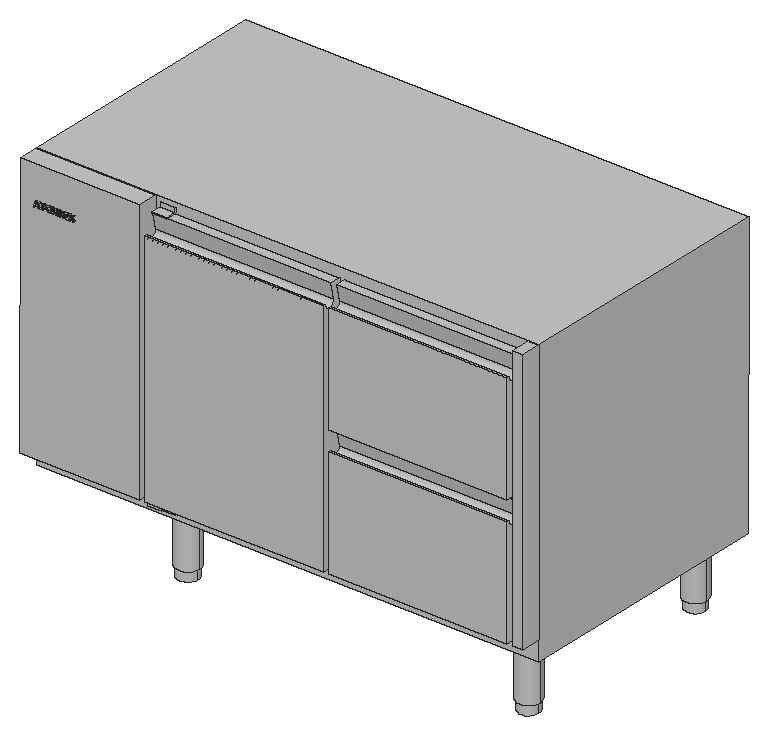
Revit family "QF_ALPENINOX_721019_AK2R7AB", category Attrezzature speciali, Revit 2018 (continued)
Definition of nested family "HPC_APX_BI_TN_L"
  Lines and regions (mm)
    Split face 120
      outline origin (110, -951.3, 50) x (1, 0, 0) y (0, 1, 0)
        loop
          arc (-176.464, 599.474) -> (-172.464, 603.474) -> (-176.464, 607.474) r 4
          line (-176.464, 607.474) -> (-218.464, 607.474)
    Split face 121
      outline origin (220, -951.3, 50) x (1, 0, 0) y (0, 1, 0)
        loop
          arc (-273.464, 607.474) -> (-277.464, 603.474) -> (-273.464, 599.474) r 4
          line (-273.464, 599.474) -> (-231.464, 599.474)
          arc (-231.464, 599.474) -> (-227.464, 603.474) -> (-231.464, 607.474) r 4
          line (-231.464, 607.474) -> (-273.464, 607.474)
    Split face 122
      outline origin (0, -975.3, 50) x (1, 0, 0) y (0, 1, 0)
        loop
          arc (-163.464, 619.474) -> (-167.464, 615.474) -> (-163.464, 611.474) r 4
          line (-163.464, 611.474) -> (-121.464, 611.474)
          arc (-121.464, 611.474) -> (-117.464, 615.474) -> (-121.464, 619.474) r 4
          line (-121.464, 619.474) -> (-163.464, 619.474)
    Split face 123
      outline origin (330, -975.3, 50) x (1, 0, 0) y (0, 1, 0)
        loop
          arc (-328.464, 619.474) -> (-332.464, 615.474) -> (-328.464, 611.474) r 4
          line (-328.464, 611.474) -> (-286.464, 611.474)
          arc (-286.464, 611.474) -> (-282.464, 615.474) -> (-286.464, 619.474) r 4
          line (-286.464, 619.474) -> (-328.464, 619.474)
    Split face 124
      outline origin (110, -975.3, 50) x (1, 0, 0) y (0, 1, 0)
        loop
          arc (-218.464, 619.474) -> (-222.464, 615.474) -> (-218.464, 611.474) r 4
          line (-218.464, 611.474) -> (-176.464, 611.474)
          arc (-176.464, 611.474) -> (-172.464, 615.474) -> (-176.464, 619.474) r 4
          line (-176.464, 619.474) -> (-218.464, 619.474)
    Split face 125
      outline origin (220, -975.3, 50) x (1, 0, 0) y (0, 1, 0)
        loop
          arc (-273.464, 619.474) -> (-277.464, 615.474) -> (-273.464, 611.474) r 4
          line (-273.464, 611.474) -> (-231.464, 611.474)
          arc (-231.464, 611.474) -> (-227.464, 615.474) -> (-231.464, 619.474) r 4
          line (-231.464, 619.474) -> (-273.464, 619.474)
    Split face 126
      outline origin (0, -999.3, 50) x (1, 0, 0) y (0, 1, 0)
        loop
          arc (-163.464, 631.474) -> (-167.464, 627.474) -> (-163.464, 623.474) r 4
          line (-163.464, 623.474) -> (-121.464, 623.474)
          arc (-121.464, 623.474) -> (-117.464, 627.474) -> (-121.464, 631.474) r 4
          line (-121.464, 631.474) -> (-163.464, 631.474)
    Split face 127
      outline origin (330, -999.3, 50) x (1, 0, 0) y (0, 1, 0)
        loop
          arc (-328.464, 631.474) -> (-332.464, 627.474) -> (-328.464, 623.474) r 4
          line (-328.464, 623.474) -> (-286.464, 623.474)
          arc (-286.464, 623.474) -> (-282.464, 627.474) -> (-286.464, 631.474) r 4
          line (-286.464, 631.474) -> (-328.464, 631.474)
    Split face 128
      outline origin (110, -999.3, 50) x (1, 0, 0) y (0, 1, 0)
        loop
          arc (-218.464, 631.474) -> (-222.464, 627.474) -> (-218.464, 623.474) r 4
          line (-218.464, 623.474) -> (-176.464, 623.474)
          arc (-176.464, 623.474) -> (-172.464, 627.474) -> (-176.464, 631.474) r 4
          line (-176.464, 631.474) -> (-218.464, 631.474)
    Split face 129
      outline origin (220, -999.3, 50) x (1, 0, 0) y (0, 1, 0)
        loop
          arc (-273.464, 631.474) -> (-277.464, 627.474) -> (-273.464, 623.474) r 4
          line (-273.464, 623.474) -> (-231.464, 623.474)
          arc (-231.464, 623.474) -> (-227.464, 627.474) -> (-231.464, 631.474) r 4
          line (-231.464, 631.474) -> (-273.464, 631.474)
    Split face 130
      outline origin (0, -1023.3, 50) x (1, 0, 0) y (0, 1, 0)
        loop
          arc (-163.464, 643.474) -> (-167.464, 639.474) -> (-163.464, 635.474) r 4
          line (-163.464, 635.474) -> (-121.464, 635.474)
          arc (-121.464, 635.474) -> (-117.464, 639.474) -> (-121.464, 643.474) r 4
          line (-121.464, 643.474) -> (-163.464, 643.474)
    Split face 131
      outline origin (330, -1023.3, 50) x (1, 0, 0) y (0, 1, 0)
        loop
          arc (-328.464, 643.474) -> (-332.464, 639.474) -> (-328.464, 635.474) r 4
          line (-328.464, 635.474) -> (-286.464, 635.474)
          arc (-286.464, 635.474) -> (-282.464, 639.474) -> (-286.464, 643.474) r 4
          line (-286.464, 643.474) -> (-328.464, 643.474)
    Split face 132
      outline origin (110, -1023.3, 50) x (1, 0, 0) y (0, 1, 0)
        loop
          arc (-218.464, 643.474) -> (-222.464, 639.474) -> (-218.464, 635.474) r 4
          line (-218.464, 635.474) -> (-176.464, 635.474)
          arc (-176.464, 635.474) -> (-172.464, 639.474) -> (-176.464, 643.474) r 4
          line (-176.464, 643.474) -> (-218.464, 643.474)
    Split face 133
      outline origin (220, -1023.3, 50) x (1, 0, 0) y (0, 1, 0)
        loop
          arc (-273.464, 643.474) -> (-277.464, 639.474) -> (-273.464, 635.474) r 4
          line (-273.464, 635.474) -> (-231.464, 635.474)
          arc (-231.464, 635.474) -> (-227.464, 639.474) -> (-231.464, 643.474) r 4
          line (-231.464, 643.474) -> (-273.464, 643.474)
    symbolic lines
      curve 1: line (87.08, -74, 50) -> (87.08, -74, 0)
  Dimensions and locks
    equal spacing: plane 6, plane 1 "Center (Front/Back)", plane 7
    equal spacing: plane 4, plane 3 "Center (Left/Right)", plane 5
    aligned and locked: plane 2 to Extrusion 1
    aligned and locked: level to Extrusion 1
  Automatic sketch dimensions
    Split face 5 sketch curve to Split face 5 sketch curve = 42 mm
    Split face 5 sketch curve to Split face 5 sketch curve = 4 mm
    Split face 6 sketch curve to Split face 6 sketch curve = 42 mm
    Split face 6 sketch curve to Split face 6 sketch curve = 4 mm
    Split face 7 sketch curve to Split face 7 sketch curve = 42 mm
    Split face 7 sketch curve to Split face 7 sketch curve = 4 mm
    Split face 8 sketch curve to Split face 8 sketch curve = 42 mm
    Split face 8 sketch curve to Split face 8 sketch curve = 4 mm
    Split face 9 sketch curve to Split face 9 sketch curve = 42 mm
    Split face 9 sketch curve to Split face 9 sketch curve = 4 mm
    Split face 10 sketch curve to Split face 10 sketch curve = 42 mm
    Split face 10 sketch curve to Split face 10 sketch curve = 4 mm
    Split face 11 sketch curve to Split face 11 sketch curve = 42 mm
    Split face 11 sketch curve to Split face 11 sketch curve = 4 mm
    Split face 12 sketch curve to Split face 12 sketch curve = 42 mm
    Split face 12 sketch curve to Split face 12 sketch curve = 4 mm
    Split face 13 sketch curve to Split face 13 sketch curve = 42 mm
    Split face 13 sketch curve to Split face 13 sketch curve = 4 mm
    Split face 14 sketch curve to Split face 14 sketch curve = 42 mm
    Split face 14 sketch curve to Split face 14 sketch curve = 4 mm
    Split face 15 sketch curve to Split face 15 sketch curve = 42 mm
    Split face 15 sketch curve to Split face 15 sketch curve = 4 mm
    Split face 16 sketch curve to Split face 16 sketch curve = 42 mm
    Split face 16 sketch curve to Split face 16 sketch curve = 4 mm
    Split face 17 sketch curve to Split face 17 sketch curve = 42 mm
    Split face 17 sketch curve to Split face 17 sketch curve = 4 mm
    Split face 18 sketch curve to Split face 18 sketch curve = 42 mm
    Split face 18 sketch curve to Split face 18 sketch curve = 4 mm
    Split face 19 sketch curve to Split face 19 sketch curve = 42 mm
    Split face 19 sketch curve to Split face 19 sketch curve = 4 mm
    Split face 20 sketch curve to Split face 20 sketch curve = 42 mm
    Split face 20 sketch curve to Split face 20 sketch curve = 4 mm
    Split face 21 sketch curve to Split face 21 sketch curve = 42 mm
    Split face 21 sketch curve to Split face 21 sketch curve = 4 mm
    Split face 22 sketch curve to Split face 22 sketch curve = 42 mm
    Split face 22 sketch curve to Split face 22 sketch curve = 4 mm
    Split face 23 sketch curve to Split face 23 sketch curve = 42 mm
    Split face 23 sketch curve to Split face 23 sketch curve = 4 mm
    Split face 24 sketch curve to Split face 24 sketch curve = 42 mm
    Split face 24 sketch curve to Split face 24 sketch curve = 4 mm
    Split face 25 sketch curve to Split face 25 sketch curve = 42 mm
    Split face 25 sketch curve to Split face 25 sketch curve = 4 mm
    Split face 26 sketch curve to Split face 26 sketch curve = 42 mm
    Split face 26 sketch curve to Split face 26 sketch curve = 4 mm
    Split face 27 sketch curve to Split face 27 sketch curve = 42 mm
    Split face 27 sketch curve to Split face 27 sketch curve = 4 mm
    Split face 28 sketch curve to Split face 28 sketch curve = 42 mm
    Split face 28 sketch curve to Split face 28 sketch curve = 4 mm
    Split face 29 sketch curve to Split face 29 sketch curve = 42 mm
    Split face 29 sketch curve to Split face 29 sketch curve = 4 mm
    Split face 30 sketch curve to Split face 30 sketch curve = 42 mm
    Split face 30 sketch curve to Split face 30 sketch curve = 4 mm
    Split face 31 sketch curve to Split face 31 sketch curve = 42 mm
    Split face 31 sketch curve to Split face 31 sketch curve = 4 mm
    Split face 32 sketch curve to Split face 32 sketch curve = 42 mm
    Split face 32 sketch curve to Split face 32 sketch curve = 4 mm
    Split face 33 sketch curve to Split face 33 sketch curve = 42 mm
    Split face 33 sketch curve to Split face 33 sketch curve = 4 mm
    Split face 34 sketch curve to Split face 34 sketch curve = 42 mm
    Split face 34 sketch curve to Split face 34 sketch curve = 4 mm
    Split face 35 sketch curve to Split face 35 sketch curve = 42 mm
    Split face 35 sketch curve to Split face 35 sketch curve = 4 mm
    Split face 36 sketch curve to Split face 36 sketch curve = 42 mm
    Split face 36 sketch curve to Split face 36 sketch curve = 4 mm
    Split face 37 sketch curve to Split face 37 sketch curve = 42 mm
    Split face 37 sketch curve to Split face 37 sketch curve = 4 mm
    Split face 38 sketch curve to Split face 38 sketch curve = 42 mm
    Split face 38 sketch curve to Split face 38 sketch curve = 4 mm
    Split face 39 sketch curve to Split face 39 sketch curve = 42 mm
    Split face 39 sketch curve to Split face 39 sketch curve = 4 mm
    Split face 40 sketch curve to Split face 40 sketch curve = 42 mm
    Split face 40 sketch curve to Split face 40 sketch curve = 4 mm
    Split face 41 sketch curve to Split face 41 sketch curve = 42 mm
    Split face 41 sketch curve to Split face 41 sketch curve = 4 mm
    Split face 42 sketch curve to Split face 42 sketch curve = 42 mm
    Split face 42 sketch curve to Split face 42 sketch curve = 4 mm
    Split face 43 sketch curve to Split face 43 sketch curve = 42 mm
    Split face 43 sketch curve to Split face 43 sketch curve = 4 mm
    Split face 44 sketch curve to Split face 44 sketch curve = 42 mm
    Split face 44 sketch curve to Split face 44 sketch curve = 4 mm
    Split face 45 sketch curve to Split face 45 sketch curve = 42 mm
    Split face 45 sketch curve to Split face 45 sketch curve = 4 mm
    Split face 46 sketch curve to Split face 46 sketch curve = 42 mm
    Split face 46 sketch curve to Split face 46 sketch curve = 4 mm
    Split face 47 sketch curve to Split face 47 sketch curve = 42 mm
    Split face 47 sketch curve to Split face 47 sketch curve = 4 mm
    Split face 48 sketch curve to Split face 48 sketch curve = 42 mm
    Split face 48 sketch curve to Split face 48 sketch curve = 4 mm
    Split face 49 sketch curve to Split face 49 sketch curve = 42 mm
    Split face 49 sketch curve to Split face 49 sketch curve = 4 mm
    Split face 50 sketch curve to Split face 50 sketch curve = 42 mm
    Split face 50 sketch curve to Split face 50 sketch curve = 4 mm
    Split face 51 sketch curve to Split face 51 sketch curve = 42 mm
    Split face 51 sketch curve to Split face 51 sketch curve = 4 mm
    Split face 52 sketch curve to Split face 52 sketch curve = 42 mm
    Split face 52 sketch curve to Split face 52 sketch curve = 4 mm
    Split face 53 sketch curve to Split face 53 sketch curve = 42 mm
    Split face 53 sketch curve to Split face 53 sketch curve = 4 mm
    Split face 54 sketch curve to Split face 54 sketch curve = 42 mm
    Split face 54 sketch curve to Split face 54 sketch curve = 4 mm
    Split face 55 sketch curve to Split face 55 sketch curve = 42 mm
    Split face 55 sketch curve to Split face 55 sketch curve = 4 mm
    Split face 56 sketch curve to Split face 56 sketch curve = 42 mm
    Split face 56 sketch curve to Split face 56 sketch curve = 4 mm
    Split face 57 sketch curve to Split face 57 sketch curve = 42 mm
    Split face 57 sketch curve to Split face 57 sketch curve = 4 mm
    Split face 58 sketch curve to Split face 58 sketch curve = 42 mm
    Split face 58 sketch curve to Split face 58 sketch curve = 4 mm
    Split face 59 sketch curve to Split face 59 sketch curve = 42 mm
    Split face 59 sketch curve to Split face 59 sketch curve = 4 mm
    Split face 60 sketch curve to Split face 60 sketch curve = 42 mm
    Split face 60 sketch curve to Split face 60 sketch curve = 4 mm
    Split face 61 sketch curve to Split face 61 sketch curve = 42 mm
    Split face 61 sketch curve to Split face 61 sketch curve = 4 mm
    Split face 62 sketch curve to Split face 62 sketch curve = 42 mm
    Split face 62 sketch curve to Split face 62 sketch curve = 4 mm
    Split face 63 sketch curve to Split face 63 sketch curve = 42 mm
    Split face 63 sketch curve to Split face 63 sketch curve = 4 mm
    Split face 64 sketch curve to Split face 64 sketch curve = 42 mm
    Split face 64 sketch curve to Split face 64 sketch curve = 4 mm
    Split face 65 sketch curve to Split face 65 sketch curve = 42 mm
    Split face 65 sketch curve to Split face 65 sketch curve = 4 mm
    Split face 66 sketch curve to Split face 66 sketch curve = 42 mm
    Split face 66 sketch curve to Split face 66 sketch curve = 4 mm
    Split face 67 sketch curve to Split face 67 sketch curve = 42 mm
    Split face 67 sketch curve to Split face 67 sketch curve = 4 mm
    Split face 68 sketch curve to Split face 68 sketch curve = 42 mm
    Split face 68 sketch curve to Split face 68 sketch curve = 4 mm
    Split face 70 sketch curve to Split face 70 sketch curve = 42 mm
    Split face 70 sketch curve to Split face 70 sketch curve = 4 mm
    Split face 71 sketch curve to Split face 71 sketch curve = 42 mm
    Split face 71 sketch curve to Split face 71 sketch curve = 4 mm
    Split face 72 sketch curve to Split face 72 sketch curve = 42 mm
    Split face 72 sketch curve to Split face 72 sketch curve = 4 mm
    Split face 73 sketch curve to Split face 73 sketch curve = 42 mm
    Split face 73 sketch curve to Split face 73 sketch curve = 4 mm
    Split face 74 sketch curve to Split face 74 sketch curve = 42 mm
    Split face 74 sketch curve to Split face 74 sketch curve = 4 mm
    Split face 75 sketch curve to Split face 75 sketch curve = 42 mm
    Split face 75 sketch curve to Split face 75 sketch curve = 4 mm
    Split face 76 sketch curve to Split face 76 sketch curve = 42 mm
    Split face 76 sketch curve to Split face 76 sketch curve = 4 mm
    Split face 77 sketch curve to Split face 77 sketch curve = 42 mm
    Split face 77 sketch curve to Split face 77 sketch curve = 4 mm
    Split face 78 sketch curve to Split face 78 sketch curve = 42 mm
    Split face 78 sketch curve to Split face 78 sketch curve = 4 mm
    Split face 79 sketch curve to Split face 79 sketch curve = 42 mm
    Split face 79 sketch curve to Split face 79 sketch curve = 4 mm
    Split face 80 sketch curve to Split face 80 sketch curve = 42 mm
    Split face 80 sketch curve to Split face 80 sketch curve = 4 mm
    Split face 81 sketch curve to Split face 81 sketch curve = 42 mm
    Split face 81 sketch curve to Split face 81 sketch curve = 4 mm
    Split face 82 sketch curve to Split face 82 sketch curve = 42 mm
    Split face 82 sketch curve to Split face 82 sketch curve = 4 mm
    Split face 83 sketch curve to Split face 83 sketch curve = 42 mm
    Split face 83 sketch curve to Split face 83 sketch curve = 4 mm
    Split face 84 sketch curve to Split face 84 sketch curve = 42 mm
    Split face 84 sketch curve to Split face 84 sketch curve = 4 mm
    Split face 85 sketch curve to Split face 85 sketch curve = 42 mm
    Split face 85 sketch curve to Split face 85 sketch curve = 4 mm
    Split face 86 sketch curve to Split face 86 sketch curve = 42 mm
    Split face 86 sketch curve to Split face 86 sketch curve = 4 mm
    Split face 87 sketch curve to Split face 87 sketch curve = 42 mm
    Split face 87 sketch curve to Split face 87 sketch curve = 4 mm
    Split face 88 sketch curve to Split face 88 sketch curve = 42 mm
    Split face 88 sketch curve to Split face 88 sketch curve = 4 mm
    Split face 89 sketch curve to Split face 89 sketch curve = 42 mm
    Split face 89 sketch curve to Split face 89 sketch curve = 4 mm
    Split face 90 sketch curve to Split face 90 sketch curve = 42 mm
    Split face 90 sketch curve to Split face 90 sketch curve = 4 mm
    Split face 91 sketch curve to Split face 91 sketch curve = 42 mm
    Split face 91 sketch curve to Split face 91 sketch curve = 4 mm
    Split face 92 sketch curve to Split face 92 sketch curve = 42 mm
    Split face 92 sketch curve to Split face 92 sketch curve = 4 mm
    Split face 93 sketch curve to Split face 93 sketch curve = 42 mm
    Split face 93 sketch curve to Split face 93 sketch curve = 4 mm
    Split face 94 sketch curve to Split face 94 sketch curve = 42 mm
    Split face 94 sketch curve to Split face 94 sketch curve = 4 mm
    Split face 95 sketch curve to Split face 95 sketch curve = 42 mm
    Split face 95 sketch curve to Split face 95 sketch curve = 4 mm
    Split face 96 sketch curve to Split face 96 sketch curve = 42 mm
    Split face 96 sketch curve to Split face 96 sketch curve = 4 mm
    Split face 97 sketch curve to Split face 97 sketch curve = 42 mm
    Split face 97 sketch curve to Split face 97 sketch curve = 4 mm
    Split face 98 sketch curve to Split face 98 sketch curve = 42 mm
    Split face 98 sketch curve to Split face 98 sketch curve = 4 mm
    Split face 99 sketch curve to Split face 99 sketch curve = 42 mm
    Split face 99 sketch curve to Split face 99 sketch curve = 4 mm
    Split face 100 sketch curve to Split face 100 sketch curve = 42 mm
    Split face 100 sketch curve to Split face 100 sketch curve = 4 mm
    Split face 101 sketch curve to Split face 101 sketch curve = 42 mm
    Split face 101 sketch curve to Split face 101 sketch curve = 4 mm
    Split face 102 sketch curve to Split face 102 sketch curve = 42 mm
    Split face 102 sketch curve to Split face 102 sketch curve = 4 mm
    Split face 103 sketch curve to Split face 103 sketch curve = 42 mm
    Split face 103 sketch curve to Split face 103 sketch curve = 4 mm
    Split face 104 sketch curve to Split face 104 sketch curve = 42 mm
    Split face 104 sketch curve to Split face 104 sketch curve = 4 mm
    Split face 105 sketch curve to Split face 105 sketch curve = 42 mm
    Split face 105 sketch curve to Split face 105 sketch curve = 4 mm
    Split face 106 sketch curve to Split face 106 sketch curve = 42 mm
    Split face 106 sketch curve to Split face 106 sketch curve = 4 mm
    Split face 107 sketch curve to Split face 107 sketch curve = 42 mm
    Split face 107 sketch curve to Split face 107 sketch curve = 4 mm
    Split face 108 sketch curve to Split face 108 sketch curve = 42 mm
    Split face 108 sketch curve to Split face 108 sketch curve = 4 mm
    Split face 109 sketch curve to Split face 109 sketch curve = 42 mm
    Split face 109 sketch curve to Split face 109 sketch curve = 4 mm
    Split face 110 sketch curve to Split face 110 sketch curve = 42 mm
    Split face 110 sketch curve to Split face 110 sketch curve = 4 mm
    Split face 111 sketch curve to Split face 111 sketch curve = 42 mm
    Split face 111 sketch curve to Split face 111 sketch curve = 4 mm
    Split face 112 sketch curve to Split face 112 sketch curve = 42 mm
    Split face 112 sketch curve to Split face 112 sketch curve = 4 mm
    Split face 113 sketch curve to Split face 113 sketch curve = 42 mm
    Split face 113 sketch curve to Split face 113 sketch curve = 4 mm
    Split face 114 sketch curve to Split face 114 sketch curve = 42 mm
    Split face 114 sketch curve to Split face 114 sketch curve = 4 mm
    Split face 115 sketch curve to Split face 115 sketch curve = 42 mm
    Split face 115 sketch curve to Split face 115 sketch curve = 4 mm
    Split face 116 sketch curve to Split face 116 sketch curve = 42 mm
    Split face 116 sketch curve to Split face 116 sketch curve = 4 mm
    Split face 117 sketch curve to Split face 117 sketch curve = 42 mm
    Split face 117 sketch curve to Split face 117 sketch curve = 4 mm
    Split face 118 sketch curve to Split face 118 sketch curve = 42 mm
    Split face 118 sketch curve to Split face 118 sketch curve = 4 mm
    Split face 119 sketch curve to Split face 119 sketch curve = 42 mm
    Split face 119 sketch curve to Split face 119 sketch curve = 4 mm
    Split face 120 sketch curve to Split face 120 sketch curve = 42 mm
    Split face 120 sketch curve to Split face 120 sketch curve = 4 mm
    Split face 121 sketch curve to Split face 121 sketch curve = 42 mm
    Split face 121 sketch curve to Split face 121 sketch curve = 4 mm
    Split face 122 sketch curve to Split face 122 sketch curve = 42 mm
    Split face 122 sketch curve to Split face 122 sketch curve = 4 mm
    Split face 123 sketch curve to Split face 123 sketch curve = 42 mm
    Split face 123 sketch curve to Split face 123 sketch curve = 4 mm
    Split face 124 sketch curve to Split face 124 sketch curve = 42 mm
    Split face 124 sketch curve to Split face 124 sketch curve = 4 mm
    Split face 125 sketch curve to Split face 125 sketch curve = 42 mm
    Split face 125 sketch curve to Split face 125 sketch curve = 4 mm
    Split face 126 sketch curve to Split face 126 sketch curve = 42 mm
    Split face 126 sketch curve to Split face 126 sketch curve = 4 mm
    Split face 127 sketch curve to Split face 127 sketch curve = 42 mm
    Split face 127 sketch curve to Split face 127 sketch curve = 4 mm
    Split face 128 sketch curve to Split face 128 sketch curve = 42 mm
    Split face 128 sketch curve to Split face 128 sketch curve = 4 mm
    Split face 129 sketch curve to Split face 129 sketch curve = 42 mm
    Split face 129 sketch curve to Split face 129 sketch curve = 4 mm
    Split face 130 sketch curve to Split face 130 sketch curve = 42 mm
    Split face 130 sketch curve to Split face 130 sketch curve = 4 mm
    Split face 131 sketch curve to Split face 131 sketch curve = 42 mm
    Split face 131 sketch curve to Split face 131 sketch curve = 4 mm
    Split face 132 sketch curve to Split face 132 sketch curve = 42 mm
    Split face 132 sketch curve to Split face 132 sketch curve = 4 mm
    Split face 133 sketch curve to Split face 133 sketch curve = 42 mm
    Split face 133 sketch curve to Split face 133 sketch curve = 4 mm
    Extrusion 1 sketch curve to Extrusion 1 sketch curve = 2438.4 mm  (x2)
    Extrusion 2 sketch curve to plane 4 = 0 mm
    Extrusion 2 sketch curve to plane 5 = 0 mm
    Extrusion 2 sketch curve to plane 7 = 0 mm
    Extrusion 2 sketch curve to plane 6 = 0 mm
    Split face 1 sketch curve to Extrusion 2 = 0 mm  (x2)
    Split face 1 sketch curve to Extrusion 2 = 34 mm
    Split face 1 sketch curve to Extrusion 2 = 104 mm
    Split face 1 sketch curve to Split face 1 sketch curve = 17.5 mm
    Split face 2 sketch curve to Extrusion 2 = 130.5 mm
    Split face 2 sketch curve to Extrusion 2 = 60.5 mm
    Split face 2 sketch curve to Extrusion 2 = 98 mm
    Split face 2 sketch curve to Split face 2 sketch curve = 23 mm
    Split face 3 sketch curve to Extrusion 2 = 80.5 mm
    Split face 3 sketch curve to Split face 3 sketch curve = 17 mm  (x2)
    Split face 3 sketch curve to Extrusion 2 = 95 mm
    plane 4 to Extrusion 3 sketch curve = 34.51 mm
    Extrusion 3 sketch curve to Extrusion 3 sketch curve = 1.266 mm
    Extrusion 3 sketch curve to Extrusion 3 sketch curve = 1.307 mm
    Extrusion 3 sketch curve to Extrusion 3 sketch curve = 0.57 mm
    Extrusion 3 sketch curve to Extrusion 3 sketch curve = 0.593 mm
    Extrusion 3 sketch curve to Extrusion 3 sketch curve = 0.799 mm
    Extrusion 3 sketch curve to Extrusion 3 sketch curve = 1.99 mm  (x2)
    Extrusion 3 sketch curve to Extrusion 3 sketch curve = 0.003 mm
    Extrusion 3 sketch curve to Extrusion 3 sketch curve = 3.534 mm
    Extrusion 3 sketch curve to Extrusion 3 sketch curve = 0.835 mm
    Extrusion 3 sketch curve to Extrusion 3 sketch curve = 0.56 mm
    Extrusion 3 sketch curve to Extrusion 3 sketch curve = 1.268 mm
    Extrusion 3 sketch curve to Extrusion 3 sketch curve = 1.223 mm
    Extrusion 3 sketch curve to Extrusion 3 sketch curve = 1.344 mm
    Extrusion 3 sketch curve to Extrusion 3 sketch curve = 1.394 mm  (x2)
    Extrusion 3 sketch curve to Extrusion 3 sketch curve = 1.512 mm
    Extrusion 3 sketch curve to Extrusion 3 sketch curve = 3.309 mm
    Extrusion 3 sketch curve to Extrusion 3 sketch curve = 5.841 mm
    Extrusion 3 sketch curve to Extrusion 3 sketch curve = 1.393 mm
    Extrusion 3 sketch curve to Extrusion 3 sketch curve = 1.439 mm
    Extrusion 3 sketch curve to Extrusion 3 sketch curve = 0 mm  (x19)
    Extrusion 3 sketch curve to Extrusion 3 sketch curve = 1.902 mm
    Extrusion 3 sketch curve to Extrusion 3 sketch curve = 0.052 mm
    Extrusion 3 sketch curve to Extrusion 3 sketch curve = 2.065 mm
    Extrusion 3 sketch curve to Extrusion 3 sketch curve = 0.647 mm
    Extrusion 3 sketch curve to Extrusion 3 sketch curve = 8.079 mm
    Extrusion 3 sketch curve to Extrusion 3 sketch curve = 0.073 mm
    Extrusion 3 sketch curve to Extrusion 3 sketch curve = 2.145 mm
    Extrusion 3 sketch curve to Extrusion 3 sketch curve = 2.931 mm
    Extrusion 3 sketch curve to Extrusion 3 sketch curve = 0.213 mm
    Extrusion 3 sketch curve to Extrusion 3 sketch curve = 0.026 mm
    Extrusion 3 sketch curve to Extrusion 3 sketch curve = 0.263 mm
    Extrusion 3 sketch curve to Extrusion 3 sketch curve = 0.516 mm
    Extrusion 3 sketch curve to Extrusion 3 sketch curve = 0.356 mm
    Extrusion 3 sketch curve to Extrusion 3 sketch curve = 0.387 mm
    Extrusion 3 sketch curve to Extrusion 3 sketch curve = 2.378 mm
    Extrusion 3 sketch curve to Extrusion 3 sketch curve = 2.466 mm
    Extrusion 3 sketch curve to Extrusion 3 sketch curve = 0.602 mm
    Extrusion 3 sketch curve to Extrusion 3 sketch curve = 1.02 mm
    Extrusion 3 sketch curve to Extrusion 3 sketch curve = 0.949 mm
    Extrusion 3 sketch curve to Extrusion 3 sketch curve = 1.728 mm
    Extrusion 3 sketch curve to Extrusion 3 sketch curve = 0.157 mm  (x2)
    Extrusion 3 sketch curve to Extrusion 3 sketch curve = 0.292 mm
    Extrusion 3 sketch curve to Extrusion 3 sketch curve = 3.565 mm
    Extrusion 3 sketch curve to Extrusion 3 sketch curve = 1.396 mm  (x2)
    Extrusion 3 sketch curve to Extrusion 3 sketch curve = 1.418 mm  (x2)
    Extrusion 3 sketch curve to Extrusion 3 sketch curve = 1.151 mm  (x2)
    Extrusion 3 sketch curve to Extrusion 3 sketch curve = 5.709 mm  (x2)
    Extrusion 3 sketch curve to Extrusion 3 sketch curve = 0.224 mm  (x2)
    Extrusion 3 sketch curve to Extrusion 3 sketch curve = 1.149 mm  (x2)
    Extrusion 3 sketch curve to Extrusion 3 sketch curve = 1.395 mm  (x2)
    Extrusion 3 sketch curve to Extrusion 3 sketch curve = 1.744 mm
    Extrusion 3 sketch curve to Extrusion 3 sketch curve = 1.745 mm
    Extrusion 3 sketch curve to Extrusion 3 sketch curve = 6.963 mm
    Extrusion 3 sketch curve to Extrusion 3 sketch curve = 0.493 mm  (x3)
    Extrusion 3 sketch curve to Extrusion 3 sketch curve = 0.273 mm  (x2)
    Extrusion 3 sketch curve to Extrusion 3 sketch curve = 0.021 mm  (x2)
    Extrusion 3 sketch curve to Extrusion 3 sketch curve = 0.226 mm  (x2)
    Extrusion 3 sketch curve to Extrusion 3 sketch curve = 0.268 mm  (x2)
    Extrusion 3 sketch curve to Extrusion 3 sketch curve = 0.294 mm
    Extrusion 3 sketch curve to Extrusion 3 sketch curve = 5.238 mm
    Extrusion 3 sketch curve to Extrusion 3 sketch curve = 5.908 mm
    Extrusion 3 sketch curve to Extrusion 3 sketch curve = 1.109 mm  (x2)
    Extrusion 3 sketch curve to Extrusion 3 sketch curve = 1.108 mm  (x2)
    Extrusion 3 sketch curve to Extrusion 3 sketch curve = 1.142 mm  (x2)
    Extrusion 3 sketch curve to Extrusion 3 sketch curve = 1.216 mm  (x2)
    Extrusion 3 sketch curve to Extrusion 3 sketch curve = 3.013 mm
    Extrusion 3 sketch curve to Extrusion 3 sketch curve = 1.616 mm  (x3)
    Extrusion 3 sketch curve to Extrusion 3 sketch curve = 2.305 mm
    Extrusion 3 sketch curve to Extrusion 3 sketch curve = 3.049 mm
    Extrusion 3 sketch curve to plane 6 = 93.469 mm
    Extrusion 3 sketch curve to Extrusion 3 sketch curve = 0.498 mm
    Extrusion 3 sketch curve to Extrusion 3 sketch curve = 0.682 mm
    Extrusion 3 sketch curve to Extrusion 3 sketch curve = 0.664 mm
    Extrusion 3 sketch curve to Extrusion 3 sketch curve = 0.425 mm
    Extrusion 3 sketch curve to Extrusion 3 sketch curve = 0.41 mm
    Extrusion 3 sketch curve to Extrusion 3 sketch curve = 1.272 mm
    Extrusion 3 sketch curve to Extrusion 3 sketch curve = 0.789 mm  (x2)
    Extrusion 3 sketch curve to Extrusion 3 sketch curve = 0.056 mm
    Extrusion 3 sketch curve to Extrusion 3 sketch curve = 0.83 mm
    Extrusion 3 sketch curve to Extrusion 3 sketch curve = 1.238 mm
    Extrusion 3 sketch curve to Extrusion 3 sketch curve = 1.732 mm
    Extrusion 3 sketch curve to Extrusion 3 sketch curve = 0.346 mm
    Extrusion 3 sketch curve to Extrusion 3 sketch curve = 1.123 mm
    Extrusion 3 sketch curve to Extrusion 3 sketch curve = 3.023 mm
    Extrusion 3 sketch curve to Extrusion 3 sketch curve = 4.203 mm
    Extrusion 3 sketch curve to Extrusion 3 sketch curve = 3.452 mm  (x2)
    Extrusion 3 sketch curve to Extrusion 3 sketch curve = 2.544 mm
    Extrusion 3 sketch curve to Extrusion 3 sketch curve = 1.177 mm
    Extrusion 3 sketch curve to Extrusion 3 sketch curve = 3.261 mm
    Extrusion 3 sketch curve to Extrusion 3 sketch curve = 0.352 mm  (x2)
    Extrusion 3 sketch curve to Extrusion 3 sketch curve = 1.987 mm
    Extrusion 3 sketch curve to Extrusion 3 sketch curve = 0.171 mm
    Extrusion 3 sketch curve to Extrusion 3 sketch curve = 0.533 mm  (x3)
    Extrusion 3 sketch curve to Extrusion 3 sketch curve = 0.14 mm  (x4)
    Extrusion 3 sketch curve to Extrusion 3 sketch curve = 0.473 mm
    Extrusion 3 sketch curve to Extrusion 3 sketch curve = 0.31 mm  (x2)
    Extrusion 3 sketch curve to Extrusion 3 sketch curve = 0.075 mm
    Extrusion 3 sketch curve to Extrusion 3 sketch curve = 2.431 mm
    Extrusion 3 sketch curve to Extrusion 3 sketch curve = 2.32 mm  (x2)
    Extrusion 3 sketch curve to Extrusion 3 sketch curve = 1.992 mm
    Extrusion 3 sketch curve to Extrusion 3 sketch curve = 0.674 mm
    Extrusion 3 sketch curve to Extrusion 3 sketch curve = 0.732 mm
    Extrusion 3 sketch curve to Extrusion 3 sketch curve = 0.388 mm
    Extrusion 3 sketch curve to Extrusion 3 sketch curve = 0.121 mm
    Extrusion 3 sketch curve to Extrusion 3 sketch curve = 2.589 mm
    Extrusion 3 sketch curve to Extrusion 3 sketch curve = 0.662 mm
    Extrusion 3 sketch curve to Extrusion 3 sketch curve = 3.473 mm
    Extrusion 3 sketch curve to Extrusion 3 sketch curve = 0.681 mm
    Extrusion 3 sketch curve to Extrusion 3 sketch curve = 1.615 mm
    Extrusion 3 sketch curve to Extrusion 3 sketch curve = 0.34 mm
    Extrusion 3 sketch curve to Extrusion 3 sketch curve = 2.288 mm
    Extrusion 3 sketch curve to Extrusion 3 sketch curve = 0.942 mm
    Extrusion 3 sketch curve to Extrusion 3 sketch curve = 5.4 mm
    Extrusion 3 sketch curve to Extrusion 3 sketch curve = 1.768 mm  (x2)
    Extrusion 3 sketch curve to Extrusion 3 sketch curve = 0.761 mm
    Extrusion 3 sketch curve to Extrusion 3 sketch curve = 0.996 mm
    Extrusion 3 sketch curve to Extrusion 3 sketch curve = 3.543 mm  (x2)
    Extrusion 3 sketch curve to Extrusion 3 sketch curve = 7.017 mm
    Extrusion 3 sketch curve to Extrusion 3 sketch curve = 0.11 mm
    Extrusion 3 sketch curve to Extrusion 3 sketch curve = 0.823 mm  (x2)
    Extrusion 3 sketch curve to Extrusion 3 sketch curve = 0.947 mm
    Extrusion 3 sketch curve to Extrusion 3 sketch curve = 3.837 mm
    Extrusion 3 sketch curve to Extrusion 3 sketch curve = 0.623 mm
    Extrusion 3 sketch curve to Extrusion 3 sketch curve = 1.082 mm
    Extrusion 3 sketch curve to Extrusion 3 sketch curve = 0.801 mm
    Extrusion 3 sketch curve to Extrusion 3 sketch curve = 1 mm
    Extrusion 3 sketch curve to Extrusion 3 sketch curve = 0.089 mm
    Extrusion 3 sketch curve to Extrusion 3 sketch curve = 4.257 mm
    Extrusion 3 sketch curve to Extrusion 3 sketch curve = 4.345 mm  (x2)
    Extrusion 3 sketch curve to Extrusion 3 sketch curve = 2.576 mm
    Extrusion 3 sketch curve to Extrusion 3 sketch curve = 1.385 mm  (x4)
    Extrusion 3 sketch curve to Extrusion 3 sketch curve = 2.133 mm  (x4)
    Extrusion 3 sketch curve to Extrusion 3 sketch curve = 3.518 mm
    Extrusion 3 sketch curve to Extrusion 3 sketch curve = 5.603 mm
    Extrusion 3 sketch curve to Extrusion 3 sketch curve = 2.571 mm
    Split face 4 sketch curve to Extrusion 2 = 0 mm  (x2)
    Split face 4 sketch curve to Extrusion 2 = 64 mm
    Split face 69 sketch curve to Extrusion 2 = 0 mm  (x2)
    Split face 69 sketch curve to Extrusion 2 = 109 mm
    Split face 5 sketch curve to Extrusion 2 = 43.456 mm
    Split face 5 sketch curve to Extrusion 2 = 128.176 mm
    Split face 6 sketch curve to Extrusion 2 = 85.544 mm
    Split face 6 sketch curve to Extrusion 2 = 128.176 mm
    Split face 7 sketch curve to Extrusion 2 = 98.456 mm
    Split face 7 sketch curve to Extrusion 2 = 128.176 mm
    Split face 8 sketch curve to Extrusion 2 = 140.544 mm
    Split face 8 sketch curve to Extrusion 2 = 128.176 mm
    Split face 9 sketch curve to Extrusion 2 = 43.456 mm
    Split face 9 sketch curve to Extrusion 2 = 140.176 mm
    Split face 10 sketch curve to Extrusion 2 = 85.544 mm
    Split face 10 sketch curve to Extrusion 2 = 140.176 mm
    Split face 11 sketch curve to Extrusion 2 = 98.456 mm
    Split face 11 sketch curve to Extrusion 2 = 140.176 mm
    Split face 12 sketch curve to Extrusion 2 = 140.544 mm
    Split face 12 sketch curve to Extrusion 2 = 140.176 mm
    Split face 13 sketch curve to Extrusion 2 = 43.456 mm
    Split face 13 sketch curve to Extrusion 2 = 152.176 mm
    Split face 14 sketch curve to Extrusion 2 = 85.544 mm
    Split face 14 sketch curve to Extrusion 2 = 152.176 mm
    Split face 15 sketch curve to Extrusion 2 = 98.456 mm
    Split face 15 sketch curve to Extrusion 2 = 152.176 mm
    Split face 16 sketch curve to Extrusion 2 = 140.544 mm
    Split face 16 sketch curve to Extrusion 2 = 152.176 mm
    Split face 17 sketch curve to Extrusion 2 = 43.456 mm
    Split face 17 sketch curve to Extrusion 2 = 164.176 mm
    Split face 18 sketch curve to Extrusion 2 = 85.544 mm
    Split face 18 sketch curve to Extrusion 2 = 164.176 mm
    Split face 19 sketch curve to Extrusion 2 = 98.456 mm
    Split face 19 sketch curve to Extrusion 2 = 164.176 mm
    Split face 20 sketch curve to Extrusion 2 = 140.544 mm
    Split face 20 sketch curve to Extrusion 2 = 164.176 mm
    Split face 21 sketch curve to Extrusion 2 = 43.456 mm
    Split face 21 sketch curve to Extrusion 2 = 176.176 mm
    Split face 22 sketch curve to Extrusion 2 = 85.544 mm
    Split face 22 sketch curve to Extrusion 2 = 176.176 mm
    Split face 23 sketch curve to Extrusion 2 = 98.456 mm
    Split face 23 sketch curve to Extrusion 2 = 176.176 mm
    Split face 24 sketch curve to Extrusion 2 = 140.544 mm
    Split face 24 sketch curve to Extrusion 2 = 176.176 mm
    Split face 25 sketch curve to Extrusion 2 = 43.456 mm
    Split face 25 sketch curve to Extrusion 2 = 188.176 mm
    Split face 26 sketch curve to Extrusion 2 = 85.544 mm
    Split face 26 sketch curve to Extrusion 2 = 188.176 mm
    Split face 27 sketch curve to Extrusion 2 = 98.456 mm
    Split face 27 sketch curve to Extrusion 2 = 188.176 mm
    Split face 28 sketch curve to Extrusion 2 = 140.544 mm
    Split face 28 sketch curve to Extrusion 2 = 188.176 mm
    Split face 29 sketch curve to Extrusion 2 = 43.456 mm
    Split face 29 sketch curve to Extrusion 2 = 200.176 mm
    Split face 30 sketch curve to Extrusion 2 = 85.544 mm
    Split face 30 sketch curve to Extrusion 2 = 200.176 mm
    Split face 31 sketch curve to Extrusion 2 = 98.456 mm
    Split face 31 sketch curve to Extrusion 2 = 200.176 mm
    Split face 32 sketch curve to Extrusion 2 = 140.544 mm
    Split face 32 sketch curve to Extrusion 2 = 200.176 mm
    Split face 33 sketch curve to Extrusion 2 = 43.456 mm
    Split face 33 sketch curve to Extrusion 2 = 212.176 mm
    Split face 34 sketch curve to Extrusion 2 = 85.544 mm
    Split face 34 sketch curve to Extrusion 2 = 212.176 mm
    Split face 35 sketch curve to Extrusion 2 = 98.456 mm
    Split face 35 sketch curve to Extrusion 2 = 212.176 mm
    Split face 36 sketch curve to Extrusion 2 = 140.544 mm
    Split face 36 sketch curve to Extrusion 2 = 212.176 mm
    Split face 37 sketch curve to Extrusion 2 = 43.456 mm
    Split face 37 sketch curve to Extrusion 2 = 224.176 mm
    Split face 38 sketch curve to Extrusion 2 = 85.544 mm
    Split face 38 sketch curve to Extrusion 2 = 224.176 mm
    Split face 39 sketch curve to Extrusion 2 = 98.456 mm
    Split face 39 sketch curve to Extrusion 2 = 224.176 mm
    Split face 40 sketch curve to Extrusion 2 = 140.544 mm
    Split face 40 sketch curve to Extrusion 2 = 224.176 mm
    Split face 41 sketch curve to Extrusion 2 = 43.456 mm
    Split face 41 sketch curve to Extrusion 2 = 236.176 mm
    Split face 42 sketch curve to Extrusion 2 = 85.544 mm
    Split face 42 sketch curve to Extrusion 2 = 236.176 mm
    Split face 43 sketch curve to Extrusion 2 = 98.456 mm
    Split face 43 sketch curve to Extrusion 2 = 236.176 mm
    Split face 44 sketch curve to Extrusion 2 = 140.544 mm
    Split face 44 sketch curve to Extrusion 2 = 236.176 mm
    Split face 45 sketch curve to Extrusion 2 = 43.456 mm
    Split face 45 sketch curve to Extrusion 2 = 248.176 mm
    Split face 46 sketch curve to Extrusion 2 = 85.544 mm
    Split face 46 sketch curve to Extrusion 2 = 248.176 mm
    Split face 47 sketch curve to Extrusion 2 = 98.456 mm
    Split face 47 sketch curve to Extrusion 2 = 248.176 mm
    Split face 48 sketch curve to Extrusion 2 = 140.544 mm
    Split face 48 sketch curve to Extrusion 2 = 248.176 mm
    Split face 49 sketch curve to Extrusion 2 = 43.456 mm
    Split face 49 sketch curve to Extrusion 2 = 260.176 mm
    Split face 50 sketch curve to Extrusion 2 = 85.544 mm
    Split face 50 sketch curve to Extrusion 2 = 260.176 mm
    Split face 51 sketch curve to Extrusion 2 = 98.456 mm
    Split face 51 sketch curve to Extrusion 2 = 260.176 mm
    Split face 52 sketch curve to Extrusion 2 = 140.544 mm
    Split face 52 sketch curve to Extrusion 2 = 260.176 mm
    Split face 53 sketch curve to Extrusion 2 = 43.456 mm
    Split face 53 sketch curve to Extrusion 2 = 272.176 mm
    Split face 54 sketch curve to Extrusion 2 = 85.544 mm
    Split face 54 sketch curve to Extrusion 2 = 272.176 mm
    Split face 55 sketch curve to Extrusion 2 = 98.456 mm
    Split face 55 sketch curve to Extrusion 2 = 272.176 mm
    Split face 56 sketch curve to Extrusion 2 = 140.544 mm
    Split face 56 sketch curve to Extrusion 2 = 272.176 mm
    Split face 57 sketch curve to Extrusion 2 = 43.456 mm
    Split face 57 sketch curve to Extrusion 2 = 284.176 mm
    Split face 58 sketch curve to Extrusion 2 = 85.544 mm
    Split face 58 sketch curve to Extrusion 2 = 284.176 mm
    Split face 59 sketch curve to Extrusion 2 = 98.456 mm
    Split face 59 sketch curve to Extrusion 2 = 284.176 mm
    Split face 60 sketch curve to Extrusion 2 = 140.544 mm
    Split face 60 sketch curve to Extrusion 2 = 284.176 mm
    Split face 61 sketch curve to Extrusion 2 = 43.456 mm
    Split face 61 sketch curve to Extrusion 2 = 296.176 mm
    Split face 62 sketch curve to Extrusion 2 = 85.544 mm
    Split face 62 sketch curve to Extrusion 2 = 296.176 mm
    Split face 63 sketch curve to Extrusion 2 = 98.456 mm
    Split face 63 sketch curve to Extrusion 2 = 296.176 mm
    Split face 64 sketch curve to Extrusion 2 = 140.544 mm
    Split face 64 sketch curve to Extrusion 2 = 296.176 mm
    Split face 65 sketch curve to Extrusion 2 = 43.456 mm
    Split face 65 sketch curve to Extrusion 2 = 308.176 mm
    Split face 66 sketch curve to Extrusion 2 = 85.544 mm
    Split face 66 sketch curve to Extrusion 2 = 308.176 mm
    Split face 67 sketch curve to Extrusion 2 = 98.456 mm
    Split face 67 sketch curve to Extrusion 2 = 308.176 mm
    Split face 68 sketch curve to Extrusion 2 = 140.544 mm
    Split face 68 sketch curve to Extrusion 2 = 308.176 mm
    Split face 70 sketch curve to Extrusion 2 = 43.456 mm
    Split face 70 sketch curve to Extrusion 2 = 192.174 mm
    Split face 71 sketch curve to Extrusion 2 = 85.544 mm
    Split face 71 sketch curve to Extrusion 2 = 192.174 mm
    Split face 72 sketch curve to Extrusion 2 = 98.456 mm
    Split face 72 sketch curve to Extrusion 2 = 192.174 mm
    Split face 73 sketch curve to Extrusion 2 = 140.544 mm
    Split face 73 sketch curve to Extrusion 2 = 192.174 mm
    Split face 74 sketch curve to Extrusion 2 = 43.456 mm
    Split face 74 sketch curve to Extrusion 2 = 180.174 mm
    Split face 75 sketch curve to Extrusion 2 = 85.544 mm
    Split face 75 sketch curve to Extrusion 2 = 180.174 mm
    Split face 76 sketch curve to Extrusion 2 = 98.456 mm
    Split face 76 sketch curve to Extrusion 2 = 180.174 mm
    Split face 77 sketch curve to Extrusion 2 = 140.544 mm
    Split face 77 sketch curve to Extrusion 2 = 180.174 mm
    Split face 78 sketch curve to Extrusion 2 = 43.456 mm
    Split face 78 sketch curve to Extrusion 2 = 168.174 mm
    Split face 79 sketch curve to Extrusion 2 = 85.544 mm
    Split face 79 sketch curve to Extrusion 2 = 168.174 mm
    Split face 80 sketch curve to Extrusion 2 = 98.456 mm
    Split face 80 sketch curve to Extrusion 2 = 168.174 mm
    Split face 81 sketch curve to Extrusion 2 = 140.544 mm
    Split face 81 sketch curve to Extrusion 2 = 168.174 mm
    Split face 82 sketch curve to Extrusion 2 = 43.456 mm
    Split face 82 sketch curve to Extrusion 2 = 156.174 mm
    Split face 83 sketch curve to Extrusion 2 = 85.544 mm
    Split face 83 sketch curve to Extrusion 2 = 156.174 mm
    Split face 84 sketch curve to Extrusion 2 = 98.456 mm
    Split face 84 sketch curve to Extrusion 2 = 156.174 mm
    Split face 85 sketch curve to Extrusion 2 = 140.544 mm
    Split face 85 sketch curve to Extrusion 2 = 156.174 mm
    Split face 86 sketch curve to Extrusion 2 = 43.456 mm
    Split face 86 sketch curve to Extrusion 2 = 144.174 mm
    Split face 87 sketch curve to Extrusion 2 = 85.544 mm
    Split face 87 sketch curve to Extrusion 2 = 144.174 mm
    Split face 88 sketch curve to Extrusion 2 = 98.456 mm
    Split face 88 sketch curve to Extrusion 2 = 144.174 mm
    Split face 89 sketch curve to Extrusion 2 = 140.544 mm
    Split face 89 sketch curve to Extrusion 2 = 144.174 mm
    Split face 90 sketch curve to Extrusion 2 = 43.456 mm
    Split face 90 sketch curve to Extrusion 2 = 132.174 mm
    Split face 91 sketch curve to Extrusion 2 = 85.544 mm
    Split face 91 sketch curve to Extrusion 2 = 132.174 mm
    Split face 92 sketch curve to Extrusion 2 = 98.456 mm
    Split face 92 sketch curve to Extrusion 2 = 132.174 mm
    Split face 93 sketch curve to Extrusion 2 = 140.544 mm
    Split face 93 sketch curve to Extrusion 2 = 132.174 mm
    Split face 94 sketch curve to Extrusion 2 = 43.456 mm
    Split face 94 sketch curve to Extrusion 2 = 120.174 mm
    Split face 95 sketch curve to Extrusion 2 = 85.544 mm
    Split face 95 sketch curve to Extrusion 2 = 120.174 mm
    Split face 96 sketch curve to Extrusion 2 = 98.456 mm
    Split face 96 sketch curve to Extrusion 2 = 120.174 mm
    Split face 97 sketch curve to Extrusion 2 = 140.544 mm
    Split face 97 sketch curve to Extrusion 2 = 120.174 mm
    Split face 98 sketch curve to Extrusion 2 = 43.456 mm
    Split face 98 sketch curve to Extrusion 2 = 108.174 mm
    Split face 99 sketch curve to Extrusion 2 = 85.544 mm
    Split face 99 sketch curve to Extrusion 2 = 108.174 mm
    Split face 100 sketch curve to Extrusion 2 = 98.456 mm
    Split face 100 sketch curve to Extrusion 2 = 108.174 mm
    Split face 101 sketch curve to Extrusion 2 = 140.544 mm
    Split face 101 sketch curve to Extrusion 2 = 108.174 mm
    Split face 102 sketch curve to Extrusion 2 = 43.456 mm
    Split face 102 sketch curve to Extrusion 2 = 96.174 mm
    Split face 103 sketch curve to Extrusion 2 = 85.544 mm
    Split face 103 sketch curve to Extrusion 2 = 96.174 mm
    Split face 104 sketch curve to Extrusion 2 = 98.456 mm
    Split face 104 sketch curve to Extrusion 2 = 96.174 mm
    Split face 105 sketch curve to Extrusion 2 = 140.544 mm
    Split face 105 sketch curve to Extrusion 2 = 96.174 mm
    Split face 106 sketch curve to Extrusion 2 = 43.456 mm
    Split face 106 sketch curve to Extrusion 2 = 84.174 mm
    Split face 107 sketch curve to Extrusion 2 = 85.544 mm
    Split face 107 sketch curve to Extrusion 2 = 84.174 mm
    Split face 108 sketch curve to Extrusion 2 = 98.456 mm
    Split face 108 sketch curve to Extrusion 2 = 84.174 mm
    Split face 109 sketch curve to Extrusion 2 = 140.544 mm
    Split face 109 sketch curve to Extrusion 2 = 84.174 mm
    Split face 110 sketch curve to Extrusion 2 = 43.456 mm
    Split face 110 sketch curve to Extrusion 2 = 72.174 mm
    Split face 111 sketch curve to Extrusion 2 = 85.544 mm
    Split face 111 sketch curve to Extrusion 2 = 72.174 mm
    Split face 112 sketch curve to Extrusion 2 = 98.456 mm
    Split face 112 sketch curve to Extrusion 2 = 72.174 mm
    Split face 113 sketch curve to Extrusion 2 = 140.544 mm
    Split face 113 sketch curve to Extrusion 2 = 72.174 mm
    Split face 114 sketch curve to Extrusion 2 = 43.456 mm
    Split face 114 sketch curve to Extrusion 2 = 60.174 mm
    Split face 115 sketch curve to Extrusion 2 = 85.544 mm
    Split face 115 sketch curve to Extrusion 2 = 60.174 mm
    Split face 116 sketch curve to Extrusion 2 = 98.456 mm
    Split face 116 sketch curve to Extrusion 2 = 60.174 mm
    Split face 117 sketch curve to Extrusion 2 = 68.174 mm
    Split face 117 sketch curve to Extrusion 2 = 140.544 mm
    Split face 118 sketch curve to Extrusion 2 = 43.456 mm
    Split face 118 sketch curve to Extrusion 2 = 48.174 mm
    Split face 119 sketch curve to Extrusion 2 = 85.544 mm
    Split face 119 sketch curve to Extrusion 2 = 48.174 mm
    Split face 120 sketch curve to Extrusion 2 = 98.456 mm
    Split face 120 sketch curve to Extrusion 2 = 48.174 mm
    Split face 121 sketch curve to Extrusion 2 = 56.174 mm
    Split face 121 sketch curve to Extrusion 2 = 140.544 mm
    Split face 122 sketch curve to Extrusion 2 = 43.456 mm
    Split face 122 sketch curve to Extrusion 2 = 36.174 mm
    Split face 123 sketch curve to Extrusion 2 = 85.544 mm
    Split face 123 sketch curve to Extrusion 2 = 36.174 mm
    Split face 124 sketch curve to Extrusion 2 = 44.174 mm
    Split face 124 sketch curve to Extrusion 2 = 98.456 mm
    Split face 125 sketch curve to Extrusion 2 = 44.174 mm
    Split face 125 sketch curve to Extrusion 2 = 140.544 mm
    Split face 126 sketch curve to Extrusion 2 = 43.456 mm
    Split face 126 sketch curve to Extrusion 2 = 24.174 mm
    Split face 127 sketch curve to Extrusion 2 = 32.174 mm
    Split face 127 sketch curve to Extrusion 2 = 85.544 mm
    Split face 128 sketch curve to Extrusion 2 = 32.174 mm
    Split face 128 sketch curve to Extrusion 2 = 98.456 mm
    Split face 129 sketch curve to Extrusion 2 = 32.174 mm
    Split face 129 sketch curve to Extrusion 2 = 140.544 mm
    Split face 130 sketch curve to Extrusion 2 = 20.174 mm
    Split face 130 sketch curve to Extrusion 2 = 43.456 mm
    Split face 131 sketch curve to Extrusion 2 = 20.174 mm
    Split face 131 sketch curve to Extrusion 2 = 85.544 mm
    Split face 132 sketch curve to Extrusion 2 = 20.174 mm
    Split face 132 sketch curve to Extrusion 2 = 98.456 mm
    Split face 133 sketch curve to Extrusion 2 = 20.174 mm
    Split face 133 sketch curve to Extrusion 2 = 140.544 mm
    curve 1 to level = 0 mm
    curve 1 to plane 5 = 0 mm
    curve 1 to curve 1 = 50 mm
Definition of nested family "HPC_APX_SD_L"
  Parameters
    Show Clearance [instance] = yes
    Default Elevation = 1219.2 mm
  Reference planes
    plane 1 "Center (Front/Back)": y = 0
    plane 2: z = 0
    plane 3 "Center (Left/Right)": x = 0
    plane 4: x = -234
    plane 5: x = 234
  Forms (mm)
    Extrusion 1, solid
      sketch origin (0, 0, 0) x (1, 0, 0) y (0, 1, 0)
        loop
          line (-1219.2, 1219.2) -> (-1219.2, -1219.2) -> (1219.2, -1219.2) -> (1219.2, 1219.2) -> (-1219.2, 1219.2)
      from 0 to -304.8
    Extrusion 2, solid
      sketch origin (0, 0, -3) x (0, 1, 0) y (0, 0, 1)
        loop
          line (-314, 53) -> (-314, 3) -> (314, 3) -> (314, 29) -> (274.395, 20)
          arc (274.395, 20) -> (260.396, 33.803) -> (274, 47.994) r 14
          line (274, 47.994) -> (274, 53) -> (-314, 53)
      from -220 to 220
    Extrusion 3, solid
      sketch origin (0, 0, 0) x (0, 1, 0) y (0, 0, -1)
        loop
          line (-323.003, -40.312) -> (-323.003, -12.259) -> (-323.003, 0) -> (-351.511, 0) -> (-351.511, -2.5) -> (-325.503, -2.5) -> (-325.503, -42.812) -> (-316.501, -42.812) -> (-316.501, -40.312) -> (-323.003, -40.312)
        loop
          line (-314, -38.311) -> (-314, -11.804) -> (-319.752, -11.804) -> (-319.752, -14.304) -> (-316.501, -14.304) -> (-316.501, -38.311) -> (-314, -38.311)
        loop
          line (315.003, -27.948) -> (317.503, -27.948) -> (317.503, -2.5) -> (327.503, -2.5) -> (327.503, 0) -> (315.003, 0) -> (315.003, -2.948) -> (315.003, -27.948)
      from 185 to 220
    Extrusion 4, solid, visible <- "Show Clearance", detail levels coarse
      sketch origin (0, 0, -3) x (-1, 0, 0) y (0, 0, -1)
        loop
          line (220, -53) -> (-220, -53)
          arc (-220, -53) -> (-79.636, -340.04) -> (220, -451) r 430
          line (220, -451) -> (220, -53)
      from -314 to 314
  Lines and regions (mm)
    symbolic lines
      curve 1: arc (219.599, 0, 55) -> (95.934, 0, 321.503) -> (-170, 0, 446.39) r 430
      curve 2: line (-220, 0, 55) -> (-220, 0, 448)
      curve 3: line (-170, 0, 55) -> (-170, 0, 448)
      curve 4: line (-220, 0, 448) -> (-170, 0, 448)
  Dimensions and locks
    plane 4 to plane 3 "Center (Left/Right)" to plane 5 = 234 mm locked, 234 mm locked
    aligned and locked: plane 2 to Extrusion 1
    aligned and locked: level to Extrusion 1
Definition of nested family "HPC_APX_HALF"
  Parameters
    Show Clearance [instance] = yes
    Default Elevation = 1219.2 mm
  Reference planes
    plane 1 "Center (Front/Back)": y = 0
    plane 2: z = 0
    plane 3 "Center (Left/Right)": x = 0
    plane 4: x = -234
    plane 5: x = 234
    plane 6: z = 618
  Forms (mm)
    Extrusion 1, solid
      sketch origin (0, 0, 0) x (1, 0, 0) y (0, 1, 0)
        loop
          line (-1219.2, 1219.2) -> (-1219.2, -1219.2) -> (1219.2, -1219.2) -> (1219.2, 1219.2) -> (-1219.2, 1219.2)
      from 0 to -304.8
    Extrusion 2, solid
      sketch origin (0, 0, 0) x (0, 1, 0) y (0, 0, 1)
        loop
          line (314, 0) -> (314, 26) -> (274.395, 17)
          arc (274.395, 17) -> (260.395, 31) -> (274.395, 45) r 14
          line (274.395, 45) -> (274.395, 50) -> (5, 50) -> (5, 0) -> (314, 0)
        loop
          line (-5, 0) -> (-5, 26) -> (-44.605, 17)
          arc (-44.605, 17) -> (-58.605, 31) -> (-44.605, 45) r 14
          line (-44.605, 45) -> (-44.605, 50) -> (-314, 50) -> (-314, 0) -> (-5, 0)
      from -220 to 220
    Extrusion 3, solid, visible <- "Show Clearance", detail levels coarse
      sketch origin (0, 0, 512) x (0, 1, 0) y (0, 0, 1)
        loop
          line (-314, 106) -> (-314, -462) -> (-5, -462) -> (-5, 82) -> (-44.605, 73)
          arc (-44.605, 73) -> (-58.605, 87) -> (-44.605, 101) r 14
          line (-44.605, 101) -> (-44.605, 106) -> (-314, 106)
        loop
          line (314, -462) -> (314, 82) -> (274.395, 73)
          arc (274.395, 73) -> (260.395, 87) -> (274.395, 101) r 14
          line (274.395, 101) -> (274.395, 106) -> (5, 106) -> (5, -462) -> (314, -462)
      from -220 to 220
  Lines and regions (mm)
    symbolic lines
      curve 1: line (220, 0, 139.793) -> (-220, 0, 139.793)
      curve 2: line (220, 0, 174.793) -> (-220, 0, 174.793)
      curve 3: line (220, 0, 259.793) -> (-220, 0, 259.793)
      curve 4: line (220, 0, 294.793) -> (-220, 0, 294.793)
      curve 5: line (191.424, 0, 139.793) -> (191.424, 0, 54.793)
      curve 6: line (-190, 0, 139.793) -> (-190, 0, 54.793)
      curve 7: line (191.424, 0, 259.793) -> (191.424, 0, 174.793)
      curve 8: line (-190, 0, 259.793) -> (-190, 0, 174.793)
      curve 9: line (220, 0, 259.793) -> (220, 0, 294.793)
      curve 10: line (-220, 0, 259.793) -> (-220, 0, 294.793)
      curve 11: line (220, 0, 139.793) -> (220, 0, 174.793)
      curve 12: line (-220, 0, 139.793) -> (-220, 0, 174.793)
  Dimensions and locks
    plane 4 to plane 3 "Center (Left/Right)" to plane 5 = 234 mm locked, 234 mm locked
    plane 6 to level = 618 mm
    aligned and locked: plane 2 to Extrusion 1
    aligned and locked: level to Extrusion 1
Definition of nested family "HPC_Refrigerator"
  Reference planes
    plane 1 "Center (Front/Back)": y = 0
    plane 2: z = 0
    plane 3 "Center (Left/Right)": x = 0
  Lines and regions (mm)
    detail lines, in view "Ref. Level"
      curve 1: spline (-500, 190, 0) -> (-493.185, 166.706, 0) -> (-473.205, 145, 0) -> (-441.421, 126.36, 0) -> (-400, 112.058, 0) -> (-351.764, 103.067, 0) -> (-300, 100, 0) -> (-248.236, 103.067, 0) -> (-200, 112.058, 0) -> (-158.579, 126.36, 0) -> (-126.795, 145, 0) -> (-106.815, 166.706, 0) -> (-100, 190, 0) -> (-106.815, 213.294, 0) -> (-126.795, 235, 0) -> (-158.579, 253.64, 0) -> (-200, 267.942, 0) -> (-248.236, 276.933, 0) -> (-300, 280, 0) -> (-351.764, 276.933, 0) -> (-400, 267.942, 0) -> (-441.421, 253.64, 0) -> (-473.205, 235, 0) -> (-493.185, 213.294, 0) -> (-500, 190, 0)
      curve 2: line (-300, 130, 0) -> (-300, 250, 0)
      curve 3: line (-351.962, 220, 0) -> (-248.038, 160, 0)
      curve 4: line (-351.962, 160, 0) -> (-248.038, 220, 0)
      curve 5: line (-280.884, 246.873, 0) -> (-300, 225, 0)
      curve 6: line (-300, 225, 0) -> (-319.116, 246.873, 0)
      curve 7: line (-330.311, 207.5, 0) -> (-339.696, 234.992, 0)
      curve 8: line (-358.812, 201.882, 0) -> (-330.311, 207.5, 0)
      curve 9: line (-330.311, 172.5, 0) -> (-358.812, 178.118, 0)
      curve 10: line (-339.696, 145.008, 0) -> (-330.311, 172.5, 0)
      curve 11: line (-300, 155, 0) -> (-319.116, 133.127, 0)
      curve 12: line (-280.884, 133.127, 0) -> (-300, 155, 0)
      curve 13: line (-269.689, 172.5, 0) -> (-260.304, 145.008, 0)
      curve 14: line (-241.188, 178.118, 0) -> (-269.689, 172.5, 0)
      curve 15: line (-269.689, 207.5, 0) -> (-241.188, 201.882, 0)
      curve 16: line (-260.304, 234.992, 0) -> (-269.689, 207.5, 0)
Types (2, lengths in mm): name | URL | Produttore | Phase | Modello | Descrizione
  (no name) | 0 | 0 | 0 | 0 | 0
  Standard | "http://www.alpeninox.com" | "Alpeninox" | 1 | "AK2R7AB" | "1-DOOR AND 2X1/2-DRAWER REFRIGERATED COUNTER, -2+10°C, FULL AISI 304 (R290), WITHOUT WORK TOP"
